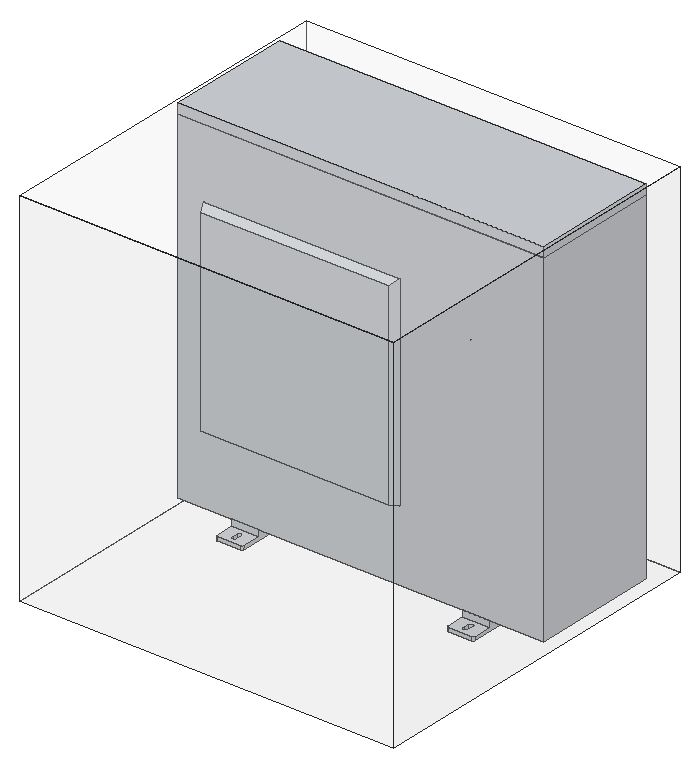
Revit family "puz-zrmp80sha_280ka13_50hz", category 機械設備, Revit 2019 (continued)
Definition of nested family "PUZ-ZRMP-2"
  Automatic sketch dimensions
    curve 44 to plane 50 = 0 mm
    curve 43 to plane 50 = 0 mm
    curve 42 to plane 50 = 0 mm
    curve 41 to plane 50 = 0 mm
    curve 27 to plane 50 = 0 mm
    curve 28 to plane 50 = 0 mm
    curve 40 to plane 50 = 0 mm
    curve 39 to plane 50 = 0 mm
    curve 29 to plane 50 = 0 mm
    curve 38 to plane 50 = 0 mm
    curve 30 to plane 50 = 0 mm
    curve 53 to plane 50 = 0 mm
    curve 31 to plane 50 = 0 mm
    curve 36 to plane 50 = 0 mm
    curve 32 to plane 50 = 0 mm
    curve 35 to plane 50 = 0 mm
    curve 33 to plane 50 = 0 mm
    curve 34 to plane 50 = 0 mm
    curve 28 to plane 49 = 0 mm
    curve 41 to plane 49 = 0 mm
    curve 27 to plane 49 = 0 mm
    curve 42 to plane 49 = 0 mm
    curve 31 to plane 49 = 0 mm
    curve 40 to plane 49 = 0 mm
    curve 37 to plane 49 = 0 mm
    curve 39 to plane 49 = 0 mm
    curve 32 to plane 49 = 0 mm
    curve 45 to plane 49 = 0 mm
    curve 36 to plane 49 = 0 mm
    curve 46 to plane 49 = 0 mm
    curve 43 to plane 49 = 0 mm
    curve 47 to plane 49 = 0 mm
    curve 29 to plane 49 = 0 mm
    curve 48 to plane 49 = 0 mm
    curve 30 to plane 49 = 0 mm
    curve 49 to plane 49 = 0 mm
    curve 44 to plane 49 = 0 mm
    curve 50 to plane 49 = 0 mm
    curve 33 to plane 49 = 0 mm
    curve 51 to plane 49 = 0 mm
    curve 35 to plane 49 = 0 mm
    curve 52 to plane 49 = 0 mm
    curve 38 to plane 49 = 0 mm
    curve 53 to plane 49 = 0 mm
    curve 34 to plane 49 = 0 mm
    Extrusion 9 sketch curve to plane 18 = 0 mm  (x2)
    plane 8 to Extrusion 9 sketch curve = 0 mm
    plane 23 to Extrusion 9 sketch curve = 0 mm
    plane 22 to Extrusion 9 sketch curve = 0 mm  (x3)
    plane 16 to Extrusion 9 sketch curve = 0 mm  (x3)
    plane 17 to Extrusion 9 sketch curve = 0 mm  (x2)
    Extrusion 9 sketch curve to plane 15 = 0 mm  (x2)
    Extrusion 9 sketch curve to plane 19 = 0 mm  (x2)
    Extrusion 9 sketch curve to plane 14 = 0 mm  (x2)
    plane 7 to Extrusion 9 sketch curve = 0 mm
    Extrusion 9 sketch curve to Extrusion 9 sketch curve = 5 mm
    plane 15 to Extrusion 9 sketch curve = 6 mm  (x2)
    plane 19 to Extrusion 9 sketch curve = 5 mm
    Extrusion 9 sketch curve to plane 20 = 5 mm
    plane 14 to Extrusion 9 sketch curve = 6 mm  (x2)
    plane 21 to Extrusion 9 sketch curve = 5 mm
    plane 40 to Masking region 1 sketch curve = 0 mm
    plane 8 to Masking region 1 sketch curve = 0 mm  (x2)
    plane 7 to Masking region 1 sketch curve = 0 mm  (x2)
    curve 301 to plane 6 = 0 mm
    plane 52 to curve 8 = 0 mm
    plane 7 to curve 303 = 0 mm
    curve 304 to plane 18 = 0 mm
    curve 299 to plane 18 = 0 mm
    plane 8 to curve 297 = 0 mm
    curve 305 to plane 19 = 0 mm
    curve 298 to plane 19 = 0 mm
    curve 296 to plane 43 = 0 mm
    curve 295 to plane 48 = 0 mm
    curve 308 to plane 20 = 0 mm
    curve 291 to plane 21 = 11.98 mm
    curve 309 to plane 21 = 0 mm
    curve 290 to plane 47 = 0 mm
    curve 290 to plane 44 = 0 mm
    curve 288 to plane 5 = 0 mm
    plane 22 to curve 304 = 0 mm
    plane 22 to curve 308 = 0 mm
    plane 23 to curve 293 = 0 mm
    plane 23 to curve 298 = 0 mm
    curve 20 to plane 54 = 9 mm
    plane 66 to curve 316 = 4.5 mm
    curve 11 to plane 30 = 5 mm
    curve 11 to plane 66 = 10.5 mm
    curve 8 to curve 5 = 0 mm
    curve 12 to curve 6 = 0 mm
    curve 303 to plane 59 = 17.452 mm
    plane 15 to curve 297 = 2.486 mm
    curve 287 to plane 21 = 16.899 mm
    plane 47 to curve 297 = 22.809 mm
    plane 47 to curve 2 = 2 mm
    plane 31 to curve 9 = 5 mm
    curve 9 to curve 4 = 0 mm
    curve 16 to plane 47 = 13 mm
    plane 40 to Extrusion 9 sketch curve = 10 mm  (x2)
    curve 294 to plane 20 = 0 mm
    curve 293 to plane 21 = 0 mm
    plane 40 to curve 294 = 0 mm
    plane 47 to curve 1 = 2 mm
    curve 16 to curve 325 = 15 mm
Definition of nested family "固定点"
  Parameters (values of type "固定点")
    中心円 = if(W > 599 mm, 12 mm, 10 mm)  # 12 mm
    W = 1000 mm
    D = 1000 mm
  Reference planes
    plane 1 "中心(正面/背面)": y = 0
    plane 2: z = 0
    plane 3 "中心(左/右)": x = 0
    plane 4: x = 1000
    plane 5: y = 1000
  Lines and regions (mm)
    symbolic lines, detail levels fine
      curve 1: circle (0, 1000, 0) r 6 normal (0, 0, 1)
      curve 2: circle (0, 0, 0) r 6 normal (0, 0, 1)
      curve 3: circle (1000, 1000, 0) r 6 normal (0, 0, 1)
      curve 4: circle (1000, 0, 0) r 6 normal (0, 0, 1)
      curve 5: line (-200, 1000, 0) -> (1200, 1000, 0)
      curve 6: line (-200, 0, 0) -> (1200, 0, 0)
      curve 7: line (0, 1200, 0) -> (0, -200, 0)
      curve 8: line (1000, 1200, 0) -> (1000, -200, 0)
  Dimensions and locks
    "W": plane 3 "中心(左/右)" to plane 4
    "D": plane 1 "中心(正面/背面)" to plane 5
    "中心円": diameter of curve 1
    "中心円": diameter of curve 2
    "中心円": diameter of curve 3
    "中心円": diameter of curve 4
    aligned and locked: level to plane 2
    aligned and locked: plane 5 to curve 1
    aligned and locked: plane 3 "中心(左/右)" to curve 1
    aligned and locked: plane 3 "中心(左/右)" to curve 2
    aligned and locked: plane 1 "中心(正面/背面)" to curve 2
    aligned and locked: plane 4 to curve 3
    aligned and locked: plane 5 to curve 3
    aligned and locked: plane 1 "中心(正面/背面)" to curve 4
    aligned and locked: plane 4 to curve 4
    aligned and locked: plane 1 "中心(正面/背面)" to curve 6
    aligned and locked: curve 7 to plane 3 "中心(左/右)"
    aligned and locked: curve 8 to plane 4
  Automatic sketch dimensions
    curve 5 to plane 5 = 0 mm
    curve 6 to plane 3 "中心(左/右)" = 200 mm
    curve 5 to plane 3 "中心(左/右)" = 200 mm
    curve 4 to curve 6 = 200 mm
    curve 3 to curve 5 = 200 mm
    plane 1 "中心(正面/背面)" to curve 8 = 200 mm
    plane 1 "中心(正面/背面)" to curve 7 = 200 mm
    curve 3 to curve 8 = 200 mm
    curve 1 to curve 7 = 200 mm
Types (7, lengths in mm): name | 音響パワーレベル（冷）(dB) | 音響パワーレベル(dB) | 電源位置Z | 電源位置X | 電動機出力_送風機 | 電動機出力_圧縮機 | 質量 | 製品質量 | 相 | 消費電力_暖房 | 消費電力_冷房 | 消費電力 | 構成品番 | 極数 | 最小電線太さ_mm2 | 暖房能力 | 推奨ブレーカー容量 | 形名 | ドレン　位置Y | ドレン　位置X | 冷房能力 | 冷媒管（ガス）位置X | 冷媒管（液）位置X | 冷媒管（ガス）位置Y | 冷媒管径符号 | 冷媒管位置Z | 冷媒管位置Y | 冷媒管位置X | 冷媒液管径 | 冷媒ガス管径 | Width | Height | Clearance Right | Clearance Left | Clearance Front | Clearance Back
  室外機_PUZ-ZRMP80HA13 (-BS,BSG) | 66 | 68 | 669 | 275 | 0.06 kW | 1.6 kW | 79.20 kg | 66.00 kg | 3 | 2.22 kW | 1.93 kW | 2.22 kW | "PUZ-ZRMP80HA13 (-BS,-BSG)" | 3 | 1.6 | 8 kW | 20 A | PUZ-ZRMP-2 : PUZ-ZRMP-2 | 111 | 30 | 7.1 kW | 434 | 377 | 229 | "Bd" | 447 | 259.5 | 405.5 | 9.52 | 15.88 | 950 | 943 | 10 | 10 | 500 | 100
  室外機_PUZ-ZRMP80SHA13 (-BS,BSG) | 66 | 68 | 669 | 275 | 0.06 kW | 1.6 kW | 84.00 kg | 70.00 kg | 1 | 2.34 kW | 1.98 kW | 2.34 kW | "PUZ-ZRMP80SHA13 (-BS,-BSG)" | 1 | 1.6 | 8 kW | 30 A | PUZ-ZRMP-2 : PUZ-ZRMP-2 | 111 | 30 | 7.1 kW | 434 | 377 | 229 | "Bd" | 447 | 259.5 | 405.5 | 9.52 | 15.88 | 950 | 943 | 10 | 10 | 500 | 100
  室外機_PUZ-ZRMP112KA13 (-BS,BSG) | 68 | 70 | 1063 | 325 | 0.12 kW | 2.1 kW | 118.80 kg | 99.00 kg | 3 | 2.67 kW | 2.43 kW | 2.67 kW | "PUZ-ZRMP112KA13 (-BS,-BSG)" | 3 | 1.6 | 11.2 kW | 30 A | PUZ-ZRMP-3 : PUZ-ZRMP112KA11 | 176 | 45 | 10 kW | 483 | 423 | 234 | "Bd" | 450 | 262 | 453 | 9.52 | 15.88 | 1050 | 1338 | 15 | 15 | 500 | 150
  室外機_PUZ-ZRMP140KA13 (-BS,BSG) | 68 | 71 | 1063 | 325 | 0.12 kW | 2.8 kW | 118.80 kg | 99.00 kg | 3 | 3.72 kW | 3.61 kW | 3.72 kW | "PUZ-ZRMP140KA13 (-BS,-BSG)" | 3 | 1.6 | 14 kW | 30 A | PUZ-ZRMP-3 : PUZ-ZRMP112KA11 | 176 | 45 | 12.5 kW | 483 | 423 | 234 | "Bd" | 450 | 262 | 453 | 9.52 | 15.88 | 1050 | 1338 | 15 | 15 | 500 | 150
  室外機_PUZ-ZRMP160KA13 (-BS,BSG) | 70 | 73 | 1063 | 325 | 0.12 kW | 3.3 kW | 118.80 kg | 99.00 kg | 3 | 4.5 kW | 4.6 kW | 4.6 kW | "PUZ-ZRMP160KA13 (-BS,-BSG)" | 3 | 1.6 | 16 kW | 30 A | PUZ-ZRMP-3 : PUZ-ZRMP112KA11 | 176 | 45 | 14 kW | 483 | 423 | 234 | "Bd" | 450 | 262 | 453 | 9.52 | 15.88 | 1050 | 1338 | 15 | 15 | 500 | 150
  室外機_PUZ-ZRMP224KA3 (-BS,BSG) | 79 | 81 | 1063 | 325 | 0.3 kW | 4.6 kW | 156.00 kg | 130.00 kg | 3 | 5.66 kW | 6.07 kW | 6.07 kW | "PUZ-ZRMP224KA3 (-BS,-BSG)" | 3 | 2 | 22.4 kW | 40 A | PUZ-ZRMP-3 : PUZ-ZRMP224KA | 176 | 45 | 20 kW | 479 | 423 | 236 | "Bg" | 450 | 263 | 451 | 9.52 | 25.40 | 1050 | 1338 | 15 | 15 | 1000 | 150
  室外機_PUZ-ZRMP280KA3 (-BS,BSG) | 79 | 81 | 1063 | 325 | 0.4 kW | 5.7 kW | 160.80 kg | 134.00 kg | 3 | 8.14 kW | 9.2 kW | 9.2 kW | "PUZ-ZRMP280KA3 (-BS,-BSG)" | 3 | 2 | 28 kW | 50 A | PUZ-ZRMP-3 : PUZ-ZRMP224KA | 176 | 45 | 25 kW | 479 | 423 | 236 | "Cg" | 450 | 263 | 451 | 12.70 | 25.40 | 1050 | 1338 | 15 | 15 | 1000 | 150
